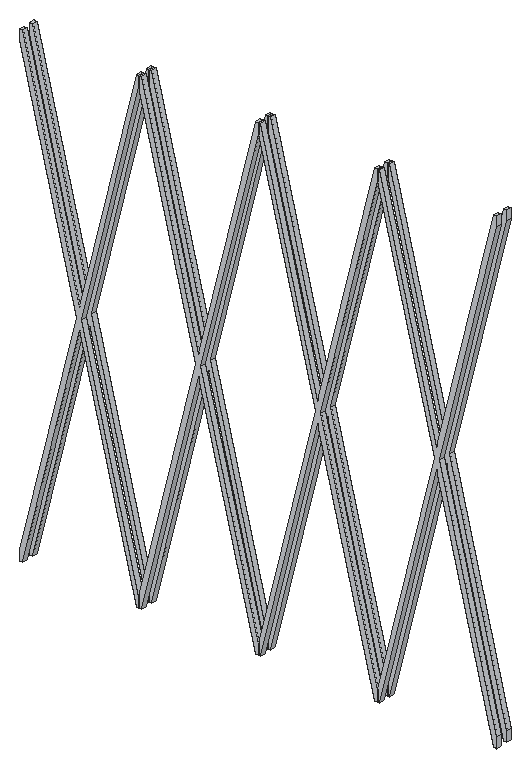
Revit family "c03f0c52935244229d360e7bcf591b8d", category Generic Models, Revit 2021
Family settings
  Can host rebar = No
  Round Connector Dimension = Use Diameter
  Part Type = Normal
  Work Plane-Based = No
  Always vertical = Yes
  Cut with Voids When Loaded = No
  Shared = Yes
  Room Calculation Point = No
Parameters
  Width [instance] = 4' - 0"
  Thickness = 0' - 0 1/2"
  Height [instance] = 4' - 0"
  Interior Material [instance] = none
  Exterior Material [instance] = none
  Distance = 0' - 0 3/4"
  Default Elevation = 0' - 0"
Reference planes (in)
  plane 1 "Center (Front/Back)": y = 0
  plane 2: z = 0
  plane 3 "Center (Left/Right)": x = 0
  plane 4: z = 48
  plane 5: x = -24
  plane 6: x = 24
  plane 7: z = 24
  plane 8: x = -12
  plane 9: x = 12
Dimensions and locks (in)
  "Width": plane 6 to plane 5
  "Height": plane 4 to plane 2
  equal spacing: plane 4, plane 7, plane 2
  equal spacing: plane 6, plane 9, plane 3 "Center (Left/Right)", plane 8, plane 5
  aligned and locked: plane 2 to level
  aligned and locked: plane 1 "Center (Front/Back)" to nested 1
  aligned and locked: plane 1 "Center (Front/Back)" to nested 2
  aligned and locked: plane 1 "Center (Front/Back)" to nested 3
  aligned and locked: plane 1 "Center (Front/Back)" to nested 4
  aligned and locked: plane 4 to nested 1
  aligned and locked: plane 4 to nested 3
  aligned and locked: plane 4 to nested 2
  aligned and locked: plane 4 to nested 4
  aligned and locked: plane 2 to nested 1
  aligned and locked: plane 2 to nested 2
  aligned and locked: plane 2 to nested 3
  aligned and locked: plane 2 to nested 4
  aligned and locked: plane 5 to nested 1
  aligned and locked: plane 8 to nested 1
  aligned and locked: plane 6 to nested 4
  aligned and locked: plane 9 to nested 4
  aligned and locked: plane 8 to nested 2
  aligned and locked: plane 3 "Center (Left/Right)" to nested 2
  aligned and locked: plane 3 "Center (Left/Right)" to nested 3
  aligned and locked: plane 9 to nested 3
Nested families (in)
  nested 1: "Muntin Pattern_Diamond" at (-18, 0, 0), Exterior Material <- "Exterior Material", Interior Material <- "Interior Material", type "Muntin Pattern_Diamond"
    with W 1' - 0", Interior Material none, H 4' - 0", Exterior Material none
  nested 2: "Muntin Pattern_Diamond" at (-6, 0, 0), Exterior Material <- "Exterior Material", Interior Material <- "Interior Material", type "Muntin Pattern_Diamond"
    with W 1' - 0", Interior Material none, H 4' - 0", Exterior Material none
  nested 3: "Muntin Pattern_Diamond" at (6, 0, 0), Exterior Material <- "Exterior Material", Interior Material <- "Interior Material", type "Muntin Pattern_Diamond"
    with W 1' - 0", Interior Material none, H 4' - 0", Exterior Material none
  nested 4: "Muntin Pattern_Diamond" at (18, 0, 0), Exterior Material <- "Exterior Material", Interior Material <- "Interior Material", type "Muntin Pattern_Diamond"
    with W 1' - 0", Interior Material none, H 4' - 0", Exterior Material none
Definition of nested family "Muntin Pattern_Diamond"
  Parameters (values of type "Muntin Pattern_Diamond")
    W [instance] = 4' - 0"
    Thickness = 0' - 0 1/2"
    H [instance] = 4' - 0"
    Interior Material [instance] = none
    Distance = 0' - 0 3/4"
    Exterior Material [instance] = none
    Default Elevation = 0' - 0"
  Reference planes (in)
    plane 1 "Center (Front/Back)": y = 0
    plane 2: z = 0
    plane 3 "Center (Left/Right)": x = 0
    plane 4: z = 48
    plane 5: x = -24
    plane 6: x = 24
    plane 7: z = 24
    plane 8: y = 0.375
    plane 9: y = -0.375
    plane 10: y = 0.875
    plane 11: y = -0.875
  Forms (in)
    Extrusion 1, solid, material <- "Exterior Material", detail levels fine
      sketch origin (-24, 0, 48) x (0.707107, 0, -0.707107) y (0.707107, 0, 0.707107)
        loop
          line (0, 0.25) -> (0, -0.25) -> (67.88225, -0.25) -> (67.88225, 0.25) -> (0, 0.25)
      from -0.875 to -0.375
    Extrusion 2, solid, material <- "Exterior Material", detail levels fine
      sketch origin (24, 0, 48) x (-0.707107, 0, -0.707107) y (0.707107, 0, -0.707107)
        loop
          line (67.88225, 0.25) -> (0, 0.25) -> (0, -0.25) -> (67.88225, -0.25) -> (67.88225, 0.25)
      from -0.875 to -0.375
    Extrusion 3, void
      sketch origin (0, 0, 0) x (1, 0, 0) y (0, 0, 1)
        loop
          line (-24, 48) -> (-24, 0) -> (24, 0) -> (24, 48) -> (-24, 48)
        loop
          line (-24.5, 48.5) -> (-24.5, -0.5) -> (24.5, -0.5) -> (24.5, 48.5) -> (-24.5, 48.5)
      from -0.875 to 0.875
    Extrusion 4, solid, material <- "Interior Material", detail levels fine
      sketch origin (-24, 0, 48) x (0.707107, 0, -0.707107) y (0.707107, 0, 0.707107)
        loop
          line (0, 0.25) -> (0, -0.25) -> (67.88225, -0.25) -> (67.88225, 0.25) -> (0, 0.25)
      from 0.375 to 0.875
    Extrusion 5, solid, material <- "Interior Material", detail levels fine
      sketch origin (24, 0, 48) x (-0.707107, 0, -0.707107) y (0.707107, 0, -0.707107)
        loop
          line (0, -0.25) -> (67.88225, -0.25) -> (67.88225, 0.25) -> (0, 0.25) -> (0, -0.25)
      from 0.375 to 0.875
  Cuts and joins
    Extrusion 3 cuts Extrusion 1
    Extrusion 3 cuts Extrusion 2
    joined: Extrusion 1, Extrusion 2
    Extrusion 3 cuts Extrusion 4
    Extrusion 3 cuts Extrusion 5
    joined: Extrusion 4, Extrusion 5
  Lines and regions (in)
    reference lines
      curve 1: line (-24, 0, 48) -> (24, 0, 0)
      curve 2: line (24, 0, 48) -> (-24, 0, 0)
      curve 3: line (-24, 0, 48) -> (-17.98959, 0, 54.01041)
      curve 4: line (24, 0, 0) -> (31.6014, 0, 7.6014)
      curve 5: line (-21.20495, 0, 44.8514) -> (16.78122, 0, 6.86522)
      curve 6: line (-20.8514, 0, 45.20495) -> (17.13478, 0, 7.21878)
      curve 7: line (24, 0, 48) -> (18.87348, 0, 53.12652)
      curve 8: line (-24, 0, 0) -> (-28.24264, 0, 4.24264)
      curve 9: line (-23.82322, 0, -0.17678) -> (22.31549, 0, 45.96194)
      curve 10: line (-24.17678, 0, 0.17678) -> (21.96194, 0, 46.31549)
    model lines, detail levels medium
      curve 11: line (24, 0.375, 0) -> (-24, 0.375, 48)
      curve 12: line (24, 0.375, 48) -> (-24, 0.375, 0)
      curve 13: line (24, -0.375, 0) -> (-24, -0.375, 48)
      curve 14: line (24, -0.375, 48) -> (-24, -0.375, 0)
  Dimensions and locks (in)
    equal spacing: plane 6, plane 3 "Center (Left/Right)", plane 5
    "W": plane 6 to plane 5
    "H": plane 4 to plane 2
    equal spacing: plane 4, plane 7, plane 2
    equal spacing: curve 5, curve 1, curve 6
    "Thickness": curve 5 to curve 6
    equal spacing: curve 9, curve 2, curve 10
    "Thickness": curve 9 to curve 10
    "Thickness": Extrusion 3 sketch curve to plane 6
    "Thickness": plane 2 to Extrusion 3 sketch curve
    "Thickness": plane 5 to Extrusion 3 sketch curve
    "Thickness": Extrusion 3 sketch curve to plane 4
    "Distance": plane 8 to plane 9
    equal spacing: plane 8, plane 1 "Center (Front/Back)", plane 9
    "Thickness": plane 10 to plane 8
    "Thickness": plane 9 to plane 11
    locked: curve 1 to curve 3 (angle 90.00°)
    locked: curve 4 to curve 1 (angle 90.00°)
    locked: curve 7 to curve 2 (angle 90.00°)
    locked: curve 2 to curve 8 (angle 90.00°)
    aligned and locked: plane 2 to level
    aligned and locked: plane 4 to curve 1
    aligned and locked: plane 5 to curve 1
    aligned and locked: plane 2 to curve 2
    aligned and locked: plane 5 to curve 2
    aligned and locked: plane 6 to curve 1
    aligned and locked: plane 2 to curve 1
    aligned and locked: plane 6 to curve 2
    aligned and locked: plane 4 to curve 2
    aligned and locked: plane 4 to curve 3
    aligned and locked: plane 5 to curve 3
    aligned and locked: plane 6 to curve 4
    aligned and locked: plane 2 to curve 4
    aligned and locked: Extrusion 1 sketch curve to curve 5
    aligned and locked: Extrusion 1 sketch curve to curve 3
    aligned and locked: Extrusion 1 sketch curve to curve 6
    aligned and locked: curve 6 to Extrusion 1 sketch curve
    aligned and locked: curve 5 to Extrusion 1 sketch curve
    aligned and locked: Extrusion 1 sketch curve to curve 4
    aligned and locked: curve 4 to Extrusion 1 sketch curve
    aligned and locked: plane 5 to curve 8
    aligned and locked: plane 2 to curve 8
    aligned and locked: plane 6 to curve 7
    aligned and locked: plane 4 to curve 7
    aligned and locked: Extrusion 2 sketch curve to curve 10  (x2)
    aligned and locked: Extrusion 2 sketch curve to curve 8  (x2)
    aligned and locked: curve 9 to Extrusion 2 sketch curve  (x2)
    aligned and locked: curve 7 to Extrusion 2 sketch curve
    aligned and locked: plane 5 to Extrusion 3 sketch curve
    aligned and locked: Extrusion 3 sketch curve to plane 4
    aligned and locked: Extrusion 3 sketch curve to plane 6
    aligned and locked: plane 2 to Extrusion 3 sketch curve
    aligned and locked: plane 10 to cut or joined group of Extrusion 1, Extrusion 2, Extrusion 3  (x2)
    aligned and locked: cut or joined group of Extrusion 1, Extrusion 2, Extrusion 3 to plane 8  (x2)
    aligned and locked: plane 10 to Extrusion 3
    aligned and locked: Extrusion 3 to plane 11
    aligned and locked: curve 3 to Extrusion 4 sketch curve
    aligned and locked: Extrusion 4 sketch curve to curve 3
    aligned and locked: Extrusion 4 sketch curve to curve 6
    aligned and locked: Extrusion 4 sketch curve to curve 5
    aligned and locked: Extrusion 4 sketch curve to curve 4
    aligned and locked: curve 6 to Extrusion 4 sketch curve
    aligned and locked: curve 5 to Extrusion 4 sketch curve
    aligned and locked: Extrusion 5 sketch curve to curve 9
    aligned and locked: Extrusion 5 sketch curve to curve 10
    aligned and locked: Extrusion 5 sketch curve to curve 7  (x2)
    aligned and locked: Extrusion 5 sketch curve to curve 8  (x2)
    aligned and locked: curve 9 to Extrusion 5 sketch curve
    aligned and locked: curve 10 to Extrusion 5 sketch curve
    aligned and locked: Extrusion 4 to plane 11
    aligned and locked: Extrusion 5 to plane 11
    aligned and locked: plane 9 to Extrusion 4
    aligned and locked: plane 9 to Extrusion 5
    aligned and locked: plane 2 to curve 11
    aligned and locked: plane 6 to curve 11
    aligned and locked: plane 5 to curve 11
    aligned and locked: plane 4 to curve 11
    aligned and locked: plane 5 to curve 12
    aligned and locked: plane 2 to curve 12
    aligned and locked: plane 4 to curve 12
    aligned and locked: plane 6 to curve 12
    aligned and locked: plane 2 to curve 13
    aligned and locked: plane 6 to curve 13
    aligned and locked: plane 4 to curve 14
    aligned and locked: plane 6 to curve 14
    aligned and locked: plane 4 to curve 13
    aligned and locked: plane 5 to curve 13
    aligned and locked: plane 2 to curve 14
    aligned and locked: plane 5 to curve 14
  Automatic sketch dimensions
    curve 1 to curve 6 = 0' - 4.20279"
    curve 1 to curve 5 = 0' - 4.20279"
    curve 5 to curve 1 = 0' - 9.95889"
    curve 6 to curve 5 = 0' - 0"
    curve 2 to curve 9 = 0' - 0"
    curve 2 to curve 9 = 0' - 2.63225"
    curve 2 to curve 10 = 0' - 2.63225"
